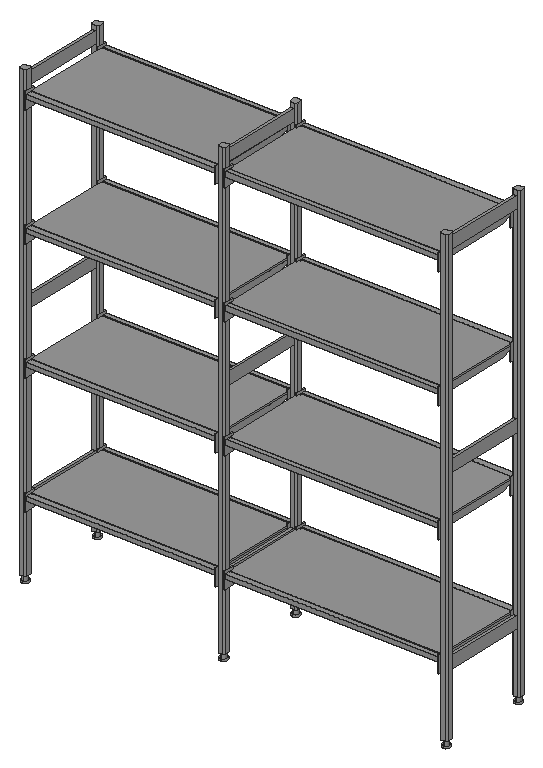
Revit family "QF_ELECTROLUXPROFESSIONAL_137019_ALS1606", category Attrezzature speciali, Revit 2020
Family settings
  Quota connettore circolare = Usa diametro
  Tipo di parte = Normale
  Basato su piano di lavoro = No
  Sempre verticale = Sì
  Taglio con vuoti quando caricato = No
  Condiviso = No
  Punto di calcolo locali = No
Parameters (values of type "Standard")
  Weight = 29.00 kg
  Watts = 0 W
  Volts = 0 V
  URL Manufacturer = "https://www.electroluxprofessional.com/"
  URL = "https://www.electroluxprofessional.com/"
  Steam Supply Size = 0 mm
  Steam Supply Minimum Pressure = 0.0 Pa
  Steam Supply Maximum Pressure = 0.0 Pa
  Steam Consumption per Hour = 0
  Refrigeration Suction Line Size = 0.0 mm
  Refrigeration Liquid Line Size = 0.0 mm
  Refrigerant Compressor Remote = yes
  Prospetto di default = 0.0 mm
  Phase = 0
  Modello = "ALS1606"
  Produttore = "Electrolux Professional"
  Length Actual = 1606.0 mm  # constant formula
  Item Number = "137019"
  Hot Water Size = 0 mm
  Height Actual = 1700.0 mm  # constant formula
  HP = "0 HP"
  Gas Size = 0 mm
  Gas KW = 0
  Gas Input Pressure = 0 W
  Direct Waste Size = 0 mm
  Descrizione = "ALUM.LINEAR SHELV.-POLY.TIERS-373X1606MM"
  Depth Actual = 373.0 mm  # constant formula
  Cycle = 0 Hz
  Condensate Return Size = 0 mm
  Compressed Air Volume = 0.0 L/s
  Compressed Air Size = 0 mm
  Compressed Air Pressure = 0.0 Pa
  Cold Water Size = 0 mm
  Accessory = yes
Reference planes
  plane 1: z = 0
  plane 2 "CenterLeft": x = -31
  plane 3 "LEFT": x = -417
  plane 4 "BACK": y = 23
  plane 5 "FRONT": y = -350
  plane 6 "TOP": z = 1700
  plane 7: x = -385
  plane 8: x = 323
  plane 9 "Center (Front/Back)": y = -163.5
  plane 10: y = -8.5
  plane 11: y = -318.5
  plane 12 "FEET": z = 25
  plane 13: z = 275
  plane 14: z = 725
  plane 15: z = 1175
  plane 16: z = 1625
  plane 17 "CXLeft": x = -403
  plane 18 "Center (Left/Right)": x = 341
  plane 19: y = 5.5
  plane 20 "CYBack": y = 5.5
  plane 21 "CYFront": y = -332.5
  plane 22 "RIGHT": x = 1189
  plane 23: x = 1157
  plane 24 "CXRight": x = 1175
  plane 25: x = 359
Forms (mm)
  Extrusion 1, solid, material "QF_Aluminum"
    sketch origin (-417, 0, -4.006) x (0, 1, 0) y (0, 0, 1)
      loop
        line (-12, 1637.003) -> (4, 1637.003) -> (4, 1655) -> (2.007, 1655) -> (2.007, 1648.501) -> (-329, 1648.501) -> (-329, 1655) -> (-331, 1655) -> (-331, 1637.003) -> (-315, 1637.003) -> (-281, 1625) -> (-46, 1625) -> (-12, 1637.003)
      loop
        line (-12, 1187.003) -> (4, 1187.003) -> (4, 1205) -> (2.007, 1205) -> (2.007, 1198.501) -> (-329, 1198.501) -> (-329, 1205) -> (-331, 1205) -> (-331, 1187.003) -> (-315, 1187.003) -> (-281, 1175) -> (-46, 1175) -> (-12, 1187.003)
      loop
        line (-12, 737.003) -> (4, 737.003) -> (4, 755) -> (2.007, 755) -> (2.007, 748.501) -> (-329, 748.501) -> (-329, 755) -> (-331, 755) -> (-331, 737.003) -> (-315, 737.003) -> (-281, 725) -> (-46, 725) -> (-12, 737.003)
      loop
        line (-12, 287.003) -> (4, 287.003) -> (4, 305) -> (2.007, 305) -> (2.007, 298.501) -> (-329, 298.501) -> (-329, 305) -> (-331, 305) -> (-331, 287.003) -> (-315, 287.003) -> (-281, 275) -> (-46, 275) -> (-12, 287.003)
    from 37 to 32
  Extrusion 2, solid, material "QF_Aluminum"
    sketch origin (-417, 0, 0) x (0, 1, 0) y (0, 0, 1)
      loop
        line (23, 246.005) -> (23, 307.993) -> (-12.993, 307.993) -> (-12.993, 246.005) -> (23, 246.005)
      loop
        line (-350, 246.005) -> (-314.007, 246.005) -> (-314.007, 307.993) -> (-350, 307.993) -> (-350, 246.005)
      loop
        line (23, 696.005) -> (23, 757.993) -> (-12.993, 757.993) -> (-12.993, 696.005) -> (23, 696.005)
      loop
        line (-350, 696.005) -> (-314.007, 696.005) -> (-314.007, 757.993) -> (-350, 757.993) -> (-350, 696.005)
      loop
        line (23, 1146.005) -> (23, 1207.993) -> (-12.993, 1207.993) -> (-12.993, 1146.005) -> (23, 1146.005)
      loop
        line (-350, 1146.005) -> (-314.007, 1146.005) -> (-314.007, 1207.993) -> (-350, 1207.993) -> (-350, 1146.005)
      loop
        line (23, 1596.005) -> (23, 1657.993) -> (-12.993, 1657.993) -> (-12.993, 1596.005) -> (23, 1596.005)
      loop
        line (-350, 1596.005) -> (-314.007, 1596.005) -> (-314.007, 1657.993) -> (-350, 1657.993) -> (-350, 1596.005)
    from 28 to 32
  Extrusion 3, solid, material "QF_Aluminum"
    sketch origin (-417, 0, 0) x (0, 1, 0) y (0, 0, 1)
      loop
        line (4, 1650.994) -> (4, 1632.998) -> (23, 1632.998) -> (23, 1650.994) -> (4, 1650.994)
      loop
        line (-331, 1650.994) -> (-350, 1650.994) -> (-350, 1632.998) -> (-331, 1632.998) -> (-331, 1650.994)
      loop
        line (4, 1200.994) -> (4, 1182.998) -> (23, 1182.998) -> (23, 1200.994) -> (4, 1200.994)
      loop
        line (-331, 1200.994) -> (-350, 1200.994) -> (-350, 1182.998) -> (-331, 1182.998) -> (-331, 1200.994)
      loop
        line (4, 750.994) -> (4, 732.998) -> (23, 732.998) -> (23, 750.994) -> (4, 750.994)
      loop
        line (-331, 750.994) -> (-350, 750.994) -> (-350, 732.998) -> (-331, 732.998) -> (-331, 750.994)
      loop
        line (4, 300.994) -> (4, 282.998) -> (23, 282.998) -> (23, 300.994) -> (4, 300.994)
      loop
        line (-331, 300.994) -> (-350, 300.994) -> (-350, 282.998) -> (-331, 282.998) -> (-331, 300.994)
    from 32 to 740
  Extrusion 4, solid, material "QF_Polyethylene"
    sketch origin (-417, 0, 0) x (0, 1, 0) y (0, 0, 1)
      loop
        line (2.007, 1650.994) -> (-329, 1650.994) -> (-329, 1644.496) -> (2.007, 1644.496) -> (2.007, 1650.994)
      loop
        line (2.007, 1200.994) -> (-329, 1200.994) -> (-329, 1194.496) -> (2.007, 1194.496) -> (2.007, 1200.994)
      loop
        line (2.007, 750.994) -> (-329, 750.994) -> (-329, 744.496) -> (2.007, 744.496) -> (2.007, 750.994)
      loop
        line (2.007, 300.994) -> (-329, 300.994) -> (-329, 294.496) -> (2.007, 294.496) -> (2.007, 300.994)
    from 32 to 740
  Extrusion 5, solid, material "QF_Aluminum"
    sketch origin (1189, 0, 0) x (0, 1, 0) y (0, 0, 1)
      loop
        line (4, 1650.994) -> (4, 1632.998) -> (23, 1632.998) -> (23, 1650.994) -> (4, 1650.994)
      loop
        line (-331, 1650.994) -> (-350, 1650.994) -> (-350, 1632.998) -> (-331, 1632.998) -> (-331, 1650.994)
      loop
        line (4, 1200.994) -> (4, 1182.998) -> (23, 1182.998) -> (23, 1200.994) -> (4, 1200.994)
      loop
        line (-331, 1200.994) -> (-350, 1200.994) -> (-350, 1182.998) -> (-331, 1182.998) -> (-331, 1200.994)
      loop
        line (4, 750.994) -> (4, 732.998) -> (23, 732.998) -> (23, 750.994) -> (4, 750.994)
      loop
        line (-331, 750.994) -> (-350, 750.994) -> (-350, 732.998) -> (-331, 732.998) -> (-331, 750.994)
      loop
        line (4, 300.994) -> (4, 282.998) -> (23, 282.998) -> (23, 300.994) -> (4, 300.994)
      loop
        line (-331, 300.994) -> (-350, 300.994) -> (-350, 282.998) -> (-331, 282.998) -> (-331, 300.994)
    from -32 to -830
  Extrusion 6, solid, material "QF_Polyethylene"
    sketch origin (1189, 0, 0) x (0, 1, 0) y (0, 0, 1)
      loop
        line (2.007, 1650.994) -> (-329, 1650.994) -> (-329, 1644.496) -> (2.007, 1644.496) -> (2.007, 1650.994)
      loop
        line (2.007, 1200.994) -> (-329, 1200.994) -> (-329, 1194.496) -> (2.007, 1194.496) -> (2.007, 1200.994)
      loop
        line (2.007, 750.994) -> (-329, 750.994) -> (-329, 744.496) -> (2.007, 744.496) -> (2.007, 750.994)
      loop
        line (2.007, 300.994) -> (-329, 300.994) -> (-329, 294.496) -> (2.007, 294.496) -> (2.007, 300.994)
    from -32 to -830
Lines and regions (mm)
  symbolic lines
    curve 1: line (323, 4, 1700) -> (-385, 4, 1700)
    curve 2: line (-408, -8.5, 1700) -> (-408, -318.5, 1700)
    curve 3: line (-398, -318.5, 1700) -> (-398, -8.5, 1700)
    curve 4: line (-389, 23, 1700) -> (327, 23, 1700)
    curve 5: line (-385, -350, 1700) -> (323, -350, 1700)
    curve 6: line (355, 23, 1700) -> (1161, 23, 1700)
    curve 7: line (355, -350, 1700) -> (1161, -350, 1700)
    curve 8: line (-385, -331, 1700) -> (323, -331, 1700)
    curve 9: line (359, -331, 1700) -> (1157, -331, 1700)
    curve 10: line (359, 4, 1700) -> (1157, 4, 1700)
    curve 11: line (1157, -12.993, 1700) -> (1157, -314.007, 1700)
    curve 12: line (323, -12.993, 1700) -> (323, -314.007, 1700)
    curve 13: line (359, -314.007, 1700) -> (359, -12.993, 1700)
    curve 14: line (-385, -12.993, 1700) -> (-385, -314.007, 1700)
Dimensions and locks
  plane 3 "LEFT" to plane 2 "CenterLeft" = 386.0 mm
  locked: plane 6 "TOP" to level at 1700
  locked: plane 4 "BACK" to plane 5 "FRONT" at 373
  locked: plane 7 to plane 8 at 708
  locked: plane 10 to plane 11 at 310
  equal spacing: plane 10, plane 9 "Center (Front/Back)", plane 11
  equal spacing: plane 4 "BACK", plane 9 "Center (Front/Back)", plane 5 "FRONT"
  plane 12 "FEET" to level = 25.0 mm
  plane 6 "TOP" to plane 12 "FEET" = 1675.0 mm
  plane 13 to plane 12 "FEET" = 250.0 mm
  plane 14 to plane 13 = 450.0 mm
  plane 15 to plane 14 = 450.0 mm
  plane 16 to plane 15 = 450.0 mm
  locked: plane 4 "BACK" to plane 20 "CYBack" at 17.5
  locked: plane 21 "CYFront" to plane 5 "FRONT" at 17.5
  locked: plane 4 "BACK" to Extrusion 1 at 19
  locked: Extrusion 1 to plane 5 "FRONT" at 19
  Extrusion 1 sketch curve to plane 21 "CYFront" = 3.5 mm
  plane 3 "LEFT" to plane 22 "RIGHT" = 1606.0 mm
  locked: plane 25 to plane 23 at 798
  locked: plane 8 to plane 18 "Center (Left/Right)" at 18
  locked: plane 18 "Center (Left/Right)" to plane 25 at 18
  locked: plane 3 "LEFT" to plane 7 at 32
  locked: plane 24 "CXRight" to plane 22 "RIGHT" at 14
  aligned and locked: level to plane 1
  aligned and locked: plane 7 to Extrusion 1
  aligned and locked: Extrusion 2 to plane 7
  aligned and locked: plane 7 to Extrusion 4
  aligned and locked: Extrusion 4 to plane 8
  aligned and locked: plane 7 to Extrusion 3
  aligned and locked: Extrusion 3 to plane 8
  aligned and locked: Extrusion 3 sketch curve to Extrusion 1
  aligned and locked: Extrusion 1 to Extrusion 3 sketch curve
  aligned and locked: Extrusion 3 sketch curve to Extrusion 3 sketch curve  (x2)
  aligned and locked: Extrusion 1 sketch curve to Extrusion 1 sketch curve  (x3)
  aligned and locked: Extrusion 4 sketch curve to Extrusion 1  (x4)
  aligned and locked: Extrusion 5 sketch curve to Extrusion 5 sketch curve  (x2)
  aligned and locked: Extrusion 5 to plane 25
  aligned and locked: Extrusion 6 to plane 25
  aligned and locked: plane 18 "Center (Left/Right)" to nested 3
  aligned and locked: plane 17 "CXLeft" to nested 1
  aligned and locked: Extrusion 3 to plane 7  (x3)
  aligned and locked: plane 8 to Extrusion 3  (x4)
  aligned and locked: plane 25 to Extrusion 5  (x4)
  aligned and locked: plane 25 to Extrusion 6  (x4)
  aligned and locked: plane 8 to Extrusion 4  (x4)
  aligned and locked: plane 24 "CXRight" to nested 2
  aligned and locked: Extrusion 5 to plane 23
  aligned and locked: Extrusion 6 to plane 23
  aligned and locked: plane 23 to Extrusion 5  (x3)
  aligned and locked: plane 23 to Extrusion 6  (x3)
Automatic sketch dimensions
  plane 21 "CYFront" to Extrusion 1 sketch curve = 1.5 mm  (x4)
  plane 11 to Extrusion 1 sketch curve = 3.5 mm  (x4)
  Extrusion 1 sketch curve to plane 13 = 4.006 mm
  Extrusion 1 sketch curve to Extrusion 1 sketch curve = 34.0 mm  (x4)
  Extrusion 1 sketch curve to plane 14 = 4.006 mm
  Extrusion 1 sketch curve to plane 15 = 4.006 mm
  Extrusion 1 sketch curve to plane 16 = 4.006 mm
  Extrusion 1 sketch curve to plane 10 = 37.5 mm  (x4)
  Extrusion 1 sketch curve to plane 10 = 3.5 mm  (x4)
  plane 19 to Extrusion 1 sketch curve = 3.493 mm  (x4)
  plane 19 to Extrusion 1 sketch curve = 1.5 mm  (x4)
  plane 13 to Extrusion 1 sketch curve = 7.998 mm  (x2)
  Extrusion 1 sketch curve to Extrusion 1 sketch curve = 11.498 mm  (x4)
  Extrusion 1 sketch curve to Extrusion 1 sketch curve = 6.499 mm  (x8)
  plane 14 to Extrusion 1 sketch curve = 7.998 mm  (x2)
  plane 15 to Extrusion 1 sketch curve = 7.998 mm  (x2)
  plane 16 to Extrusion 1 sketch curve = 7.998 mm  (x2)
  Extrusion 2 sketch curve to plane 5 "FRONT" = 0.0 mm  (x4)
  Extrusion 2 sketch curve to plane 4 "BACK" = 0.0 mm  (x4)
  plane 11 to Extrusion 2 sketch curve = 4.493 mm  (x4)
  Extrusion 2 sketch curve to plane 10 = 4.493 mm  (x4)
  Extrusion 2 sketch curve to plane 13 = 28.995 mm  (x2)
  plane 13 to Extrusion 2 sketch curve = 32.993 mm  (x2)
  Extrusion 2 sketch curve to plane 14 = 28.995 mm  (x2)
  plane 14 to Extrusion 2 sketch curve = 32.993 mm  (x2)
  Extrusion 2 sketch curve to plane 15 = 28.995 mm  (x2)
  plane 15 to Extrusion 2 sketch curve = 32.993 mm  (x2)
  Extrusion 2 sketch curve to plane 16 = 28.995 mm  (x2)
  plane 16 to Extrusion 2 sketch curve = 32.993 mm  (x2)
  Extrusion 3 sketch curve to plane 5 "FRONT" = 0.0 mm  (x4)
  Extrusion 3 sketch curve to plane 4 "BACK" = 0.0 mm  (x4)
  plane 19 to Extrusion 3 sketch curve = 1.5 mm  (x4)
  plane 13 to Extrusion 3 sketch curve = 7.998 mm  (x2)
  Extrusion 3 sketch curve to Extrusion 3 sketch curve = 17.997 mm  (x8)
  plane 14 to Extrusion 3 sketch curve = 7.998 mm  (x2)
  plane 15 to Extrusion 3 sketch curve = 7.998 mm  (x2)
  plane 16 to Extrusion 3 sketch curve = 7.998 mm  (x2)
  plane 19 to Extrusion 4 sketch curve = 3.493 mm  (x4)
  plane 13 to Extrusion 4 sketch curve = 19.496 mm
  Extrusion 4 sketch curve to Extrusion 4 sketch curve = 6.499 mm  (x4)
  plane 14 to Extrusion 4 sketch curve = 19.496 mm
  plane 15 to Extrusion 4 sketch curve = 19.496 mm
  plane 16 to Extrusion 4 sketch curve = 19.496 mm
  Extrusion 5 sketch curve to plane 5 "FRONT" = 0.0 mm  (x4)
  Extrusion 5 sketch curve to plane 4 "BACK" = 0.0 mm  (x4)
  plane 21 "CYFront" to Extrusion 5 sketch curve = 1.5 mm  (x2)
  plane 19 to Extrusion 5 sketch curve = 1.5 mm  (x4)
  plane 13 to Extrusion 5 sketch curve = 7.998 mm  (x2)
  Extrusion 5 sketch curve to Extrusion 5 sketch curve = 17.997 mm  (x8)
  plane 14 to Extrusion 5 sketch curve = 7.998 mm  (x2)
  plane 15 to Extrusion 5 sketch curve = 7.998 mm  (x2)
  plane 16 to Extrusion 5 sketch curve = 7.998 mm  (x2)
  plane 21 "CYFront" to Extrusion 6 sketch curve = 3.5 mm  (x4)
  plane 19 to Extrusion 6 sketch curve = 3.493 mm  (x4)
  plane 13 to Extrusion 6 sketch curve = 19.496 mm
  Extrusion 6 sketch curve to Extrusion 6 sketch curve = 6.499 mm  (x4)
  plane 14 to Extrusion 6 sketch curve = 19.496 mm
  plane 15 to Extrusion 6 sketch curve = 19.496 mm
  plane 16 to Extrusion 6 sketch curve = 19.496 mm
  curve 7 to plane 5 "FRONT" = 0.0 mm
  curve 5 to plane 5 "FRONT" = 0.0 mm
  curve 8 to plane 8 = 0.0 mm
  curve 9 to plane 25 = 0.0 mm
  curve 9 to plane 23 = 0.0 mm
  curve 8 to plane 7 = 0.0 mm
  curve 2 to plane 11 = 0.0 mm
  curve 3 to plane 11 = 0.0 mm
  curve 14 to plane 7 = 0.0 mm
  curve 13 to plane 25 = 0.0 mm
  curve 12 to plane 8 = 0.0 mm
  curve 11 to plane 23 = 0.0 mm
  curve 3 to plane 10 = 0.0 mm
  curve 2 to plane 10 = 0.0 mm
  curve 1 to plane 8 = 0.0 mm
  curve 1 to plane 7 = 0.0 mm
  curve 10 to plane 23 = 0.0 mm
  curve 10 to plane 25 = 0.0 mm
  curve 4 to plane 4 "BACK" = 0.0 mm
  curve 6 to plane 4 "BACK" = 0.0 mm
  curve 5 to plane 8 = 0.0 mm
  curve 5 to plane 7 = 0.0 mm
  plane 21 "CYFront" to curve 8 = 1.5 mm
  plane 21 "CYFront" to curve 9 = 1.5 mm
  plane 11 to curve 14 = 4.493 mm
  plane 11 to curve 13 = 4.493 mm
  plane 11 to curve 12 = 4.493 mm
  plane 11 to curve 11 = 4.493 mm
  curve 14 to plane 10 = 4.493 mm
  curve 13 to plane 10 = 4.493 mm
  curve 12 to plane 10 = 4.493 mm
  curve 11 to plane 10 = 4.493 mm
  plane 19 to curve 1 = 1.5 mm
  plane 19 to curve 10 = 1.5 mm
  curve 6 to plane 23 = 4.0 mm
  curve 7 to plane 23 = 4.0 mm
  curve 6 to plane 25 = 4.0 mm
  curve 7 to plane 25 = 4.0 mm
  curve 4 to plane 8 = 4.0 mm
  plane 7 to curve 4 = 4.0 mm
  plane 17 "CXLeft" to curve 3 = 5.0 mm
  curve 2 to plane 17 "CXLeft" = 5.0 mm
Nested families
  nested 1: "WT_Anta373" at (0, 0, 0), type "WT_Anta373"
  nested 2: "WT_Anta373" at (772, 0, 0) x (-1, 0, 0) z (0, 0, 1), type "WT_Anta373"
  nested 3: "WT_Anta373Center" at (744, 0, 0), type "WT_Anta373Center"
Definition of nested family "WT_Anta373"
  Parameters
    WidthLeft = A + 64.0 mm  # 772.0 mm
    Width = 1606.0 mm
    Right = WidthLeft / 2  # 386.0 mm
    Default Elevation = 0.0 mm
    Left = -WidthLeft / 2  # -386.0 mm
    Height = 1725.0 mm
    FEET = 25.0 mm
    E = 0.0 mm
    Dint = Depth - 63.0 mm  # 310.0 mm
    Dext = Depth - 8.0 mm  # 365.0 mm
    Depth = 373.0 mm
    DX = (WidthLeft - A) / 2  # 32.0 mm
    B = 798.0 mm
    A = 708.0 mm
  Reference planes
    plane 1: z = 0
    plane 2 "LEFT": x = -417
    plane 3 "BACK": y = 23
    plane 4 "FRONT": y = -350
    plane 5 "TOP": z = 1725
    plane 6 "Center (Front/Back)": y = -163.5
    plane 7: y = -8.5
    plane 8: y = -318.5
    plane 9 "FEET": z = 25
    plane 10: z = 275
    plane 11: z = 725
    plane 12: z = 1175
    plane 13: z = 1625
    plane 14 "CXLeft": x = -403
    plane 15: y = 5.5
    plane 16 "CYBack": y = 5.5
    plane 17 "CYFront": y = -332.5
    plane 18: x = -385.031
    plane 19: x = -380.031
  Forms (mm)
    Extrusion 1, solid
      sketch origin (0, 0, 0) x (1, 0, 0) y (0, 1, 0)
        loop
          line (-417, 13.246) -> (-417, -2.246) -> (-410.746, -8.5) -> (-395.254, -8.5) -> (-389, -2.246) -> (-389, 13.246) -> (-395.254, 19.5) -> (-410.746, 19.5) -> (-417, 13.246)
      from 1725 to 25
    Extrusion 2, solid
      sketch origin (-417, 0, 0) x (0, 1, 0) y (0, 0, 1)
        loop
          line (23, 246.005) -> (23, 307.993) -> (-12.993, 307.993) -> (-12.993, 246.005) -> (23, 246.005)
        loop
          line (-350, 246.005) -> (-314.007, 246.005) -> (-314.007, 307.993) -> (-350, 307.993) -> (-350, 246.005)
        loop
          line (23, 696.005) -> (23, 757.993) -> (-12.993, 757.993) -> (-12.993, 696.005) -> (23, 696.005)
        loop
          line (-350, 696.005) -> (-314.007, 696.005) -> (-314.007, 757.993) -> (-350, 757.993) -> (-350, 696.005)
        loop
          line (23, 1146.005) -> (23, 1207.993) -> (-12.993, 1207.993) -> (-12.993, 1146.005) -> (23, 1146.005)
        loop
          line (-350, 1146.005) -> (-314.007, 1146.005) -> (-314.007, 1207.993) -> (-350, 1207.993) -> (-350, 1146.005)
        loop
          line (23, 1596.005) -> (23, 1657.993) -> (-12.993, 1657.993) -> (-12.993, 1596.005) -> (23, 1596.005)
        loop
          line (-350, 1596.005) -> (-314.007, 1596.005) -> (-314.007, 1657.993) -> (-350, 1657.993) -> (-350, 1596.005)
      from 28 to 32
    Revolve 3, solid
      sketch origin (-403, 0, 0) x (0, 1, 0) y (0, 0, 1)
        loop
          line (5.5, 25) -> (5.5, 0) -> (19, 0) -> (19, 5) -> (14, 5) -> (14, 25) -> (5.5, 25)
        axis (5.5, 25) -> (5.5, 0)
      angle from 0 to 360
    Extrusion 4, solid
      sketch origin (-403, 0, 0) x (0, 1, 0) y (0, 0, 1)
        loop
          line (-8.5, 912.382) -> (-8.5, 957.374) -> (-318.5, 957.374) -> (-318.5, 912.382) -> (-8.5, 912.382)
        loop
          line (-8.5, 1662.244) -> (-8.5, 1707.236) -> (-318.5, 1707.236) -> (-318.5, 1662.244) -> (-8.5, 1662.244)
      from -5 to 5
    Revolve 5, solid
      sketch origin (-403, -627, 0) x (0, -1, 0) y (0, 0, 1)
        loop
          line (-294.5, 25) -> (-294.5, 0) -> (-281, 0) -> (-281, 5) -> (-286, 5) -> (-286, 25) -> (-294.5, 25)
        axis (-294.5, 25) -> (-294.5, 0)
      angle from 0 to 360
    Extrusion 6, solid
      sketch origin (0, -627, 0) x (1, 0, 0) y (0, 1, 0)
        loop
          line (-417, 286.754) -> (-410.746, 280.5) -> (-395.254, 280.5) -> (-389, 286.754) -> (-389, 302.246) -> (-395.254, 308.5) -> (-410.746, 308.5) -> (-417, 302.246) -> (-417, 286.754)
      from 1725 to 25
    Extrusion 7, solid
      sketch origin (-417.031, -0.022, 0) x (0, 1, 0) y (0, 0, -1)
        loop
          line (-12, -1632.998) -> (-46, -1620.994) -> (-281, -1620.994) -> (-315, -1632.998) -> (-331, -1632.998) -> (-331, -1650.994) -> (-329, -1650.994) -> (-329, -1644.496) -> (2.007, -1644.496) -> (2.007, -1650.994) -> (4, -1650.994) -> (4, -1632.998) -> (-12, -1632.998)
        loop
          line (-12, -1182.998) -> (-46, -1170.994) -> (-281, -1170.994) -> (-315, -1182.998) -> (-331, -1182.998) -> (-331, -1200.994) -> (-329, -1200.994) -> (-329, -1194.496) -> (2.007, -1194.496) -> (2.007, -1200.994) -> (4, -1200.994) -> (4, -1182.998) -> (-12, -1182.998)
        loop
          line (-12, -732.998) -> (-46, -720.994) -> (-281, -720.994) -> (-315, -732.998) -> (-331, -732.998) -> (-331, -750.994) -> (-329, -750.994) -> (-329, -744.496) -> (2.007, -744.496) -> (2.007, -750.994) -> (4, -750.994) -> (4, -732.998) -> (-12, -732.998)
        loop
          line (-12, -282.998) -> (-46, -270.994) -> (-281, -270.994) -> (-315, -282.998) -> (-331, -282.998) -> (-331, -300.994) -> (-329, -300.994) -> (-329, -294.496) -> (2.007, -294.496) -> (2.007, -300.994) -> (4, -300.994) -> (4, -282.998) -> (-12, -282.998)
      from -32 to -37
    Extrusion 8, solid
      sketch origin (-403, 0, -659.878) x (0, 1, 0) y (0, 0, 1)
        loop
          line (-8.5, 912.382) -> (-8.5, 957.374) -> (-318.5, 957.374) -> (-318.5, 912.382) -> (-8.5, 912.382)
        loop
          line (-8.5, 1572.382) -> (-8.5, 1617.374) -> (-318.5, 1617.374) -> (-318.5, 1572.382) -> (-8.5, 1572.382)
        loop
          line (-8.5, 2322.382) -> (-8.5, 2367.374) -> (-318.5, 2367.374) -> (-318.5, 2322.382) -> (-8.5, 2322.382)
      from -5 to 5
  Lines and regions (mm)
    symbolic lines
      curve 1: line (-408, -8.5, 1725) -> (-408, -318.5, 1725)
      curve 2: line (-398, -318.5, 1725) -> (-398, -8.5, 1725)
      curve 3: line (-395.254, -8.5, 1725) -> (-410.746, -8.5, 1725)
      curve 4: line (-417, -2.246, 1725) -> (-410.746, -8.5, 1725)
      curve 5: line (-417, 13.246, 1725) -> (-417, -2.246, 1725)
      curve 6: line (-410.746, 19.5, 1725) -> (-417, 13.246, 1725)
      curve 7: line (-395.254, 19.5, 1725) -> (-410.746, 19.5, 1725)
      curve 8: line (-389, 13.246, 1725) -> (-395.254, 19.5, 1725)
      curve 9: line (-395.254, -8.5, 1725) -> (-389, -2.246, 1725)
      curve 10: line (-395.254, -318.5, 1725) -> (-410.746, -318.5, 1725)
      curve 11: line (-417, -324.754, 1725) -> (-410.746, -318.5, 1725)
      curve 12: line (-410.746, -346.5, 1725) -> (-417, -340.246, 1725)
      curve 13: line (-395.254, -346.5, 1725) -> (-410.746, -346.5, 1725)
      curve 14: line (-389, -340.246, 1725) -> (-395.254, -346.5, 1725)
      curve 15: line (-395.254, -318.5, 1725) -> (-389, -324.754, 1725)
      curve 16: line (-389, -350, 1725) -> (-389, -314.007, 1725)
      curve 17: line (-389, -314.007, 1725) -> (-385, -314.007, 1725)
      curve 18: line (-389, 23, 1725) -> (-389, -12.993, 1725)
      curve 19: line (-389, -12.993, 1725) -> (-385, -12.993, 1725)
      curve 20: line (-417, -324.754, 1725) -> (-417, -340.246, 1725)
      curve 21: line (-385, -350, 1725) -> (-385, -314.007, 1725)
      curve 22: line (-385, -350, 1725) -> (-389, -350, 1725)
      curve 23: line (-385, 23, 1725) -> (-389, 23, 1725)
      curve 24: line (-385, -12.993, 1725) -> (-385, 23, 1725)
      curve 25: line (-385.031, -13.016, 1725) -> (-385.031, -314.029, 1725)
  Dimensions and locks
    "Height": plane 5 "TOP" to level
    "Depth": plane 3 "BACK" to plane 4 "FRONT"
    "Dint": plane 7 to plane 8
    equal spacing: plane 7, plane 6 "Center (Front/Back)", plane 8
    equal spacing: plane 3 "BACK", plane 6 "Center (Front/Back)", plane 4 "FRONT"
    plane 9 "FEET" to level = 25.0 mm
    plane 5 "TOP" to plane 9 "FEET" = 1700.0 mm
    plane 10 to plane 9 "FEET" = 250.0 mm
    plane 11 to plane 10 = 450.0 mm
    plane 12 to plane 11 = 450.0 mm
    plane 13 to plane 12 = 450.0 mm
    locked: plane 2 "LEFT" to plane 14 "CXLeft" at 14
    locked: plane 3 "BACK" to plane 16 "CYBack" at 17.5
    locked: plane 17 "CYFront" to plane 4 "FRONT" at 17.5
    locked: Revolve 3 sketch curve to Revolve 3 sketch curve at 8.5
    locked: Revolve 3 sketch curve to plane 16 "CYBack" at 13.5
    locked: Revolve 5 sketch curve to Revolve 5 sketch curve at 8.5
    aligned and locked: level to plane 1
    aligned and locked: curve 20 to Extrusion 6
    aligned and locked: plane 5 "TOP" to Extrusion 1
    aligned and locked: plane 5 "TOP" to Extrusion 6
    aligned and locked: Extrusion 7 sketch curve to Extrusion 7 sketch curve  (x3)
  Automatic sketch dimensions
    curve 16 to plane 4 "FRONT" = 0.0 mm
    curve 11 to plane 8 = 0.0 mm
    curve 9 to plane 7 = 0.0 mm
    curve 5 to plane 2 "LEFT" = 0.0 mm
    curve 23 to plane 3 "BACK" = 0.0 mm
    plane 4 "FRONT" to curve 13 = 3.5 mm
    curve 20 to plane 17 "CYFront" = 7.746 mm
    curve 20 to plane 8 = 6.254 mm
    plane 8 to curve 16 = 4.493 mm
    curve 24 to plane 18 = 0.031 mm
    curve 24 to plane 7 = 4.493 mm
    plane 7 to curve 5 = 6.254 mm
    curve 5 to plane 15 = 7.746 mm
    curve 6 to plane 3 "BACK" = 3.5 mm
    curve 21 to plane 18 = 0.031 mm
    plane 18 to curve 23 = 3.969 mm
    plane 18 to curve 16 = 3.969 mm
    curve 18 to curve 8 = 6.254 mm
    curve 18 to curve 3 = 6.254 mm
    curve 16 to curve 13 = 6.254 mm
    curve 16 to curve 15 = 6.254 mm
    plane 2 "LEFT" to curve 10 = 6.254 mm
    plane 2 "LEFT" to curve 7 = 6.254 mm
    plane 2 "LEFT" to curve 12 = 6.254 mm
    plane 2 "LEFT" to curve 3 = 6.254 mm
    curve 14 to plane 17 "CYFront" = 7.746 mm
    curve 15 to plane 8 = 6.254 mm
    plane 7 to curve 9 = 6.254 mm
    curve 8 to plane 15 = 7.746 mm
    curve 3 to curve 2 = 2.746 mm
    curve 1 to curve 10 = 2.746 mm
    Extrusion 1 sketch curve to plane 2 "LEFT" = 0.0 mm
    Extrusion 1 sketch curve to plane 7 = 0.0 mm
    plane 2 "LEFT" to Extrusion 1 sketch curve = 6.254 mm  (x2)
    plane 14 "CXLeft" to Extrusion 1 sketch curve = 7.746 mm  (x2)
    Extrusion 1 sketch curve to plane 3 "BACK" = 3.5 mm
    plane 18 to Extrusion 1 sketch curve = 3.969 mm
    plane 7 to Extrusion 1 sketch curve = 6.254 mm  (x2)
    Extrusion 1 sketch curve to plane 15 = 7.746 mm  (x2)
    Extrusion 2 sketch curve to plane 4 "FRONT" = 0.0 mm  (x4)
    Extrusion 2 sketch curve to plane 3 "BACK" = 0.0 mm  (x4)
    plane 8 to Extrusion 2 sketch curve = 4.493 mm  (x4)
    Extrusion 2 sketch curve to plane 7 = 4.493 mm  (x4)
    Extrusion 2 sketch curve to plane 10 = 28.995 mm  (x2)
    plane 10 to Extrusion 2 sketch curve = 32.993 mm  (x2)
    Extrusion 2 sketch curve to plane 11 = 28.995 mm  (x2)
    plane 11 to Extrusion 2 sketch curve = 32.993 mm  (x2)
    Extrusion 2 sketch curve to plane 12 = 28.995 mm  (x2)
    plane 12 to Extrusion 2 sketch curve = 32.993 mm  (x2)
    Extrusion 2 sketch curve to plane 13 = 28.995 mm  (x2)
    plane 13 to Extrusion 2 sketch curve = 32.993 mm  (x2)
    Revolve 3 sketch curve to plane 9 "FEET" = 0.0 mm  (x2)
    Revolve 3 sketch curve to plane 15 = 0.0 mm  (x2)
    Revolve 3 sketch curve to level = 0.0 mm
    level to Revolve 3 sketch curve = 5.0 mm
    Revolve 3 sketch curve to Revolve 3 sketch curve = 11.655 mm
    Extrusion 4 sketch curve to plane 8 = 0.0 mm  (x2)
    Extrusion 4 sketch curve to plane 7 = 0.0 mm  (x2)
    plane 11 to Extrusion 4 sketch curve = 187.382 mm
    Extrusion 4 sketch curve to Extrusion 4 sketch curve = 44.992 mm
    plane 13 to Extrusion 4 sketch curve = 37.244 mm
    Extrusion 4 sketch curve to plane 5 "TOP" = 17.764 mm
    Revolve 5 sketch curve to plane 9 "FEET" = 0.0 mm  (x2)
    Revolve 5 sketch curve to plane 17 "CYFront" = 0.0 mm  (x2)
    Revolve 5 sketch curve to level = 0.0 mm
    Revolve 5 sketch curve to plane 4 "FRONT" = 4.0 mm
    Revolve 5 sketch curve to Revolve 5 sketch curve = 5.0 mm
    level to Revolve 5 sketch curve = 11.655 mm
    Extrusion 6 sketch curve to plane 2 "LEFT" = 0.0 mm
    Extrusion 6 sketch curve to plane 8 = 0.0 mm
    Extrusion 6 sketch curve to plane 2 "LEFT" = 6.254 mm  (x2)
    Extrusion 6 sketch curve to plane 14 "CXLeft" = 7.746 mm  (x2)
    Extrusion 6 sketch curve to plane 4 "FRONT" = 3.5 mm
    Extrusion 6 sketch curve to plane 18 = 3.969 mm
    plane 8 to Extrusion 6 sketch curve = 6.254 mm  (x2)
    plane 17 "CYFront" to Extrusion 6 sketch curve = 7.746 mm  (x2)
    plane 17 "CYFront" to Extrusion 7 sketch curve = 1.478 mm  (x4)
    Extrusion 7 sketch curve to Extrusion 7 sketch curve = 2.0 mm
    plane 8 to Extrusion 7 sketch curve = 3.478 mm  (x4)
    Extrusion 7 sketch curve to plane 10 = 4.006 mm
    Extrusion 7 sketch curve to Extrusion 7 sketch curve = 34.0 mm  (x4)
    Extrusion 7 sketch curve to plane 11 = 4.006 mm
    Extrusion 7 sketch curve to plane 12 = 4.006 mm
    Extrusion 7 sketch curve to plane 13 = 4.006 mm
    Extrusion 7 sketch curve to plane 7 = 37.522 mm  (x4)
    Extrusion 7 sketch curve to plane 7 = 3.522 mm  (x4)
    plane 15 to Extrusion 7 sketch curve = 3.516 mm  (x4)
    plane 15 to Extrusion 7 sketch curve = 1.522 mm  (x4)
    plane 13 to Extrusion 7 sketch curve = 7.998 mm  (x2)
    Extrusion 7 sketch curve to Extrusion 7 sketch curve = 11.498 mm
    Extrusion 7 sketch curve to Extrusion 7 sketch curve = 6.499 mm  (x5)
    plane 12 to Extrusion 7 sketch curve = 25.994 mm  (x2)
    plane 12 to Extrusion 7 sketch curve = 7.998 mm  (x2)
    plane 11 to Extrusion 7 sketch curve = 25.994 mm  (x2)
    plane 11 to Extrusion 7 sketch curve = 7.998 mm  (x2)
    plane 10 to Extrusion 7 sketch curve = 25.994 mm  (x2)
    plane 10 to Extrusion 7 sketch curve = 7.998 mm  (x2)
    curve 25 to plane 18 = 0.0 mm
    plane 8 to curve 25 = 4.471 mm
    curve 25 to plane 7 = 4.516 mm
    Extrusion 8 sketch curve to plane 8 = 0.0 mm  (x3)
    Extrusion 8 sketch curve to plane 7 = 0.0 mm  (x3)
    Extrusion 8 sketch curve to plane 10 = 22.496 mm
    plane 10 to Extrusion 8 sketch curve = 22.496 mm
    plane 11 to Extrusion 8 sketch curve = 187.504 mm
    Extrusion 8 sketch curve to Extrusion 8 sketch curve = 44.992 mm
    plane 13 to Extrusion 8 sketch curve = 37.504 mm
    Extrusion 8 sketch curve to plane 5 "TOP" = 17.504 mm
Definition of nested family "WT_Anta373Center"
  Parameters
    WidthLeft = A + 64.0 mm  # 772.0 mm
    Width = 1606.0 mm
    Right = WidthLeft / 2  # 386.0 mm
    Default Elevation = 0.0 mm
    Left = -WidthLeft / 2  # -386.0 mm
    Height = 1725.0 mm
    FEET = 25.0 mm
    E = 0.0 mm
    Dint = Depth - 63.0 mm  # 310.0 mm
    Dext = Depth - 8.0 mm  # 365.0 mm
    Depth = 373.0 mm
    DX = (WidthLeft - A) / 2  # 32.0 mm
    B = 798.0 mm
    A = 708.0 mm
  Reference planes
    plane 1: z = 0
    plane 2 "L": x = -417
    plane 3 "BACK": y = 23
    plane 4 "FRONT": y = -350
    plane 5 "TOP": z = 1725
    plane 6 "Center (Front/Back)": y = -163.5
    plane 7: y = -8.5
    plane 8: y = -318.5
    plane 9 "FEET": z = 25
    plane 10: z = 275
    plane 11: z = 725
    plane 12: z = 1175
    plane 13: z = 1625
    plane 14 "CXLeft": x = -403
    plane 15: y = 5.5
    plane 16 "CYBack": y = 5.5
    plane 17 "CYFront": y = -332.5
    plane 18: x = -385.031
    plane 19 "RIGHT": x = -380.031
    plane 20: x = -420.969
    plane 21 "LEFT": x = -425.969
  Forms (mm)
    Extrusion 1, solid
      sketch origin (0, 0, 0) x (1, 0, 0) y (0, 1, 0)
        loop
          line (-417, 13.246) -> (-417, -2.246) -> (-410.746, -8.5) -> (-395.254, -8.5) -> (-389, -2.246) -> (-389, 13.246) -> (-395.254, 19.5) -> (-410.746, 19.5) -> (-417, 13.246)
      from 1725 to 25
    Extrusion 2, solid
      sketch origin (-417, 0, 0) x (0, 1, 0) y (0, 0, 1)
        loop
          line (23, 246.005) -> (23, 307.993) -> (-12.993, 307.993) -> (-12.993, 246.005) -> (23, 246.005)
        loop
          line (-350, 246.005) -> (-314.007, 246.005) -> (-314.007, 307.993) -> (-350, 307.993) -> (-350, 246.005)
        loop
          line (23, 696.005) -> (23, 757.993) -> (-12.993, 757.993) -> (-12.993, 696.005) -> (23, 696.005)
        loop
          line (-350, 696.005) -> (-314.007, 696.005) -> (-314.007, 757.993) -> (-350, 757.993) -> (-350, 696.005)
        loop
          line (23, 1146.005) -> (23, 1207.993) -> (-12.993, 1207.993) -> (-12.993, 1146.005) -> (23, 1146.005)
        loop
          line (-350, 1146.005) -> (-314.007, 1146.005) -> (-314.007, 1207.993) -> (-350, 1207.993) -> (-350, 1146.005)
        loop
          line (23, 1596.005) -> (23, 1657.993) -> (-12.993, 1657.993) -> (-12.993, 1596.005) -> (23, 1596.005)
        loop
          line (-350, 1596.005) -> (-314.007, 1596.005) -> (-314.007, 1657.993) -> (-350, 1657.993) -> (-350, 1596.005)
      from 28 to 32
    Revolve 3, solid
      sketch origin (-403, 0, 0) x (0, 1, 0) y (0, 0, 1)
        loop
          line (5.5, 25) -> (5.5, 0) -> (19, 0) -> (19, 5) -> (14, 5) -> (14, 25) -> (5.5, 25)
        axis (5.5, 25) -> (5.5, 0)
      angle from 0 to 360
    Extrusion 4, solid
      sketch origin (-403, 0, 0) x (0, 1, 0) y (0, 0, 1)
        loop
          line (-8.5, 912.382) -> (-8.5, 957.374) -> (-318.5, 957.374) -> (-318.5, 912.382) -> (-8.5, 912.382)
        loop
          line (-8.5, 1662.244) -> (-8.5, 1707.236) -> (-318.5, 1707.236) -> (-318.5, 1662.244) -> (-8.5, 1662.244)
      from -5 to 5
    Revolve 5, solid
      sketch origin (-403, -627, 0) x (0, -1, 0) y (0, 0, 1)
        loop
          line (-294.5, 25) -> (-294.5, 0) -> (-281, 0) -> (-281, 5) -> (-286, 5) -> (-286, 25) -> (-294.5, 25)
        axis (-294.5, 25) -> (-294.5, 0)
      angle from 0 to 360
    Extrusion 6, solid
      sketch origin (0, -627, 0) x (1, 0, 0) y (0, 1, 0)
        loop
          line (-417, 286.754) -> (-410.746, 280.5) -> (-395.254, 280.5) -> (-389, 286.754) -> (-389, 302.246) -> (-395.254, 308.5) -> (-410.746, 308.5) -> (-417, 302.246) -> (-417, 286.754)
      from 1725 to 25
    Extrusion 7, solid
      sketch origin (-417.031, -0.022, 0) x (0, 1, 0) y (0, 0, -1)
        loop
          line (-12, -1632.998) -> (-46, -1620.994) -> (-281, -1620.994) -> (-315, -1632.998) -> (-331, -1632.998) -> (-331, -1650.994) -> (-329, -1650.994) -> (-329, -1644.496) -> (2.007, -1644.496) -> (2.007, -1650.994) -> (4, -1650.994) -> (4, -1632.998) -> (-12, -1632.998)
        loop
          line (-12, -1182.998) -> (-46, -1170.994) -> (-281, -1170.994) -> (-315, -1182.998) -> (-331, -1182.998) -> (-331, -1200.994) -> (-329, -1200.994) -> (-329, -1194.496) -> (2.007, -1194.496) -> (2.007, -1200.994) -> (4, -1200.994) -> (4, -1182.998) -> (-12, -1182.998)
        loop
          line (-12, -732.998) -> (-46, -720.994) -> (-281, -720.994) -> (-315, -732.998) -> (-331, -732.998) -> (-331, -750.994) -> (-329, -750.994) -> (-329, -744.496) -> (2.007, -744.496) -> (2.007, -750.994) -> (4, -750.994) -> (4, -732.998) -> (-12, -732.998)
        loop
          line (-12, -282.998) -> (-46, -270.994) -> (-281, -270.994) -> (-315, -282.998) -> (-331, -282.998) -> (-331, -300.994) -> (-329, -300.994) -> (-329, -294.496) -> (2.007, -294.496) -> (2.007, -300.994) -> (4, -300.994) -> (4, -282.998) -> (-12, -282.998)
      from -32 to -37
    Extrusion 8, solid
      sketch origin (-403, 0, -659.878) x (0, 1, 0) y (0, 0, 1)
        loop
          line (-8.5, 912.382) -> (-8.5, 957.374) -> (-318.5, 957.374) -> (-318.5, 912.382) -> (-8.5, 912.382)
        loop
          line (-8.5, 1572.382) -> (-8.5, 1617.374) -> (-318.5, 1617.374) -> (-318.5, 1572.382) -> (-8.5, 1572.382)
        loop
          line (-8.5, 2322.382) -> (-8.5, 2367.374) -> (-318.5, 2367.374) -> (-318.5, 2322.382) -> (-8.5, 2322.382)
      from -5 to 5
    Extrusion 9, solid
      sketch origin (-389, 0, 0) x (0, 1, 0) y (0, 0, -1)
        loop
          line (23, -246.005) -> (-12.993, -246.005) -> (-12.993, -307.993) -> (23, -307.993) -> (23, -246.005)
        loop
          line (-350, -246.005) -> (-350, -307.993) -> (-314.007, -307.993) -> (-314.007, -246.005) -> (-350, -246.005)
        loop
          line (23, -696.005) -> (-12.993, -696.005) -> (-12.993, -757.993) -> (23, -757.993) -> (23, -696.005)
        loop
          line (-350, -696.005) -> (-350, -757.993) -> (-314.007, -757.993) -> (-314.007, -696.005) -> (-350, -696.005)
        loop
          line (23, -1146.005) -> (-12.993, -1146.005) -> (-12.993, -1207.993) -> (23, -1207.993) -> (23, -1146.005)
        loop
          line (-350, -1146.005) -> (-350, -1207.993) -> (-314.007, -1207.993) -> (-314.007, -1146.005) -> (-350, -1146.005)
        loop
          line (23, -1596.005) -> (-12.993, -1596.005) -> (-12.993, -1657.993) -> (23, -1657.993) -> (23, -1596.005)
        loop
          line (-350, -1596.005) -> (-350, -1657.993) -> (-314.007, -1657.993) -> (-314.007, -1596.005) -> (-350, -1596.005)
      from 28 to 32
    Extrusion 10, solid
      sketch origin (-388.969, -0.022, 0) x (0, 1, 0) y (0, 0, 1)
        loop
          line (-12, 1632.998) -> (4, 1632.998) -> (4, 1650.994) -> (2.007, 1650.994) -> (2.007, 1644.496) -> (-329, 1644.496) -> (-329, 1650.994) -> (-331, 1650.994) -> (-331, 1632.998) -> (-315, 1632.998) -> (-281, 1620.994) -> (-46, 1620.994) -> (-12, 1632.998)
        loop
          line (-12, 1182.998) -> (4, 1182.998) -> (4, 1200.994) -> (2.007, 1200.994) -> (2.007, 1194.496) -> (-329, 1194.496) -> (-329, 1200.994) -> (-331, 1200.994) -> (-331, 1182.998) -> (-315, 1182.998) -> (-281, 1170.994) -> (-46, 1170.994) -> (-12, 1182.998)
        loop
          line (-12, 732.998) -> (4, 732.998) -> (4, 750.994) -> (2.007, 750.994) -> (2.007, 744.496) -> (-329, 744.496) -> (-329, 750.994) -> (-331, 750.994) -> (-331, 732.998) -> (-315, 732.998) -> (-281, 720.994) -> (-46, 720.994) -> (-12, 732.998)
        loop
          line (-12, 282.998) -> (4, 282.998) -> (4, 300.994) -> (2.007, 300.994) -> (2.007, 294.496) -> (-329, 294.496) -> (-329, 300.994) -> (-331, 300.994) -> (-331, 282.998) -> (-315, 282.998) -> (-281, 270.994) -> (-46, 270.994) -> (-12, 282.998)
      from -32 to -37
  Lines and regions (mm)
    symbolic lines
      curve 1: line (-408, -8.5, 1725) -> (-408, -318.5, 1725)
      curve 2: line (-398, -318.5, 1725) -> (-398, -8.5, 1725)
      curve 3: line (-395.254, -8.5, 1725) -> (-410.746, -8.5, 1725)
      curve 4: line (-417, -2.246, 1725) -> (-410.746, -8.5, 1725)
      curve 5: line (-410.746, 19.5, 1725) -> (-417, 13.246, 1725)
      curve 6: line (-395.254, 19.5, 1725) -> (-410.746, 19.5, 1725)
      curve 7: line (-389, 13.246, 1725) -> (-395.254, 19.5, 1725)
      curve 8: line (-395.254, -8.5, 1725) -> (-389, -2.246, 1725)
      curve 9: line (-395.254, -318.5, 1725) -> (-410.746, -318.5, 1725)
      curve 10: line (-417, -324.754, 1725) -> (-410.746, -318.5, 1725)
      curve 11: line (-410.746, -346.5, 1725) -> (-417, -340.246, 1725)
      curve 12: line (-395.254, -346.5, 1725) -> (-410.746, -346.5, 1725)
      curve 13: line (-389, -340.246, 1725) -> (-395.254, -346.5, 1725)
      curve 14: line (-395.254, -318.5, 1725) -> (-389, -324.754, 1725)
      curve 15: line (-389, -350, 1725) -> (-389, -314.007, 1725)
      curve 16: line (-389, -314.007, 1725) -> (-385, -314.007, 1725)
      curve 17: line (-389, 23, 1725) -> (-389, -12.993, 1725)
      curve 18: line (-389, -12.993, 1725) -> (-385, -12.993, 1725)
      curve 19: line (-385, -350, 1725) -> (-385, -314.007, 1725)
      curve 20: line (-385, -350, 1725) -> (-389, -350, 1725)
      curve 21: line (-385, 23, 1725) -> (-389, 23, 1725)
      curve 22: line (-385, -12.993, 1725) -> (-385, 23, 1725)
      curve 23: line (-385.031, -13.016, 1725) -> (-385.031, -314.029, 1725)
      curve 24: line (-417, -350, 1725) -> (-417, -314.007, 1725)
      curve 25: line (-417, -314.007, 1725) -> (-421, -314.007, 1725)
      curve 26: line (-417, 23, 1725) -> (-417, -12.993, 1725)
      curve 27: line (-417, -12.993, 1725) -> (-421, -12.993, 1725)
      curve 28: line (-421, -350, 1725) -> (-421, -314.007, 1725)
      curve 29: line (-421, -350, 1725) -> (-417, -350, 1725)
      curve 30: line (-421, 23, 1725) -> (-417, 23, 1725)
      curve 31: line (-421, -12.993, 1725) -> (-421, 23, 1725)
      curve 32: line (-420.969, -13.016, 1725) -> (-420.969, -314.029, 1725)
  Dimensions and locks
    "Height": plane 5 "TOP" to level
    "Depth": plane 3 "BACK" to plane 4 "FRONT"
    "Dint": plane 7 to plane 8
    equal spacing: plane 7, plane 6 "Center (Front/Back)", plane 8
    equal spacing: plane 3 "BACK", plane 6 "Center (Front/Back)", plane 4 "FRONT"
    plane 9 "FEET" to level = 25.0 mm
    plane 5 "TOP" to plane 9 "FEET" = 1700.0 mm
    plane 10 to plane 9 "FEET" = 250.0 mm
    plane 11 to plane 10 = 450.0 mm
    plane 12 to plane 11 = 450.0 mm
    plane 13 to plane 12 = 450.0 mm
    locked: plane 3 "BACK" to plane 16 "CYBack" at 17.5
    locked: plane 17 "CYFront" to plane 4 "FRONT" at 17.5
    locked: Revolve 3 sketch curve to Revolve 3 sketch curve at 8.5
    locked: Revolve 3 sketch curve to plane 16 "CYBack" at 13.5
    locked: Revolve 5 sketch curve to Revolve 5 sketch curve at 8.5
    aligned and locked: level to plane 1
    aligned and locked: plane 5 "TOP" to Extrusion 1
    aligned and locked: plane 5 "TOP" to Extrusion 6
    aligned and locked: Extrusion 7 sketch curve to Extrusion 7 sketch curve  (x3)
    aligned and locked: Extrusion 10 sketch curve to Extrusion 10 sketch curve  (x3)
  Automatic sketch dimensions
    curve 15 to plane 4 "FRONT" = 0.0 mm
    curve 28 to plane 4 "FRONT" = 0.0 mm
    curve 9 to plane 8 = 0.0 mm
    curve 25 to plane 2 "L" = 0.0 mm
    curve 8 to plane 7 = 0.0 mm
    curve 17 to plane 3 "BACK" = 0.0 mm
    curve 30 to plane 3 "BACK" = 0.0 mm
    plane 4 "FRONT" to curve 11 = 3.5 mm
    curve 19 to plane 18 = 0.031 mm
    plane 8 to curve 19 = 4.493 mm
    plane 8 to curve 25 = 4.493 mm
    curve 27 to plane 20 = 0.031 mm
    curve 27 to plane 7 = 4.493 mm
    curve 17 to plane 7 = 4.493 mm
    curve 5 to plane 15 = 7.746 mm
    curve 7 to plane 3 "BACK" = 3.5 mm
    curve 18 to plane 18 = 0.031 mm
    plane 18 to curve 21 = 3.969 mm
    plane 18 to curve 20 = 3.969 mm
    curve 15 to curve 9 = 6.254 mm
    curve 17 to curve 7 = 6.254 mm
    curve 17 to curve 3 = 6.254 mm
    curve 15 to curve 12 = 6.254 mm
    plane 2 "L" to curve 12 = 6.254 mm
    plane 2 "L" to curve 4 = 6.254 mm
    plane 2 "L" to curve 10 = 6.254 mm
    plane 2 "L" to curve 5 = 6.254 mm
    curve 28 to plane 20 = 0.031 mm
    curve 13 to plane 17 "CYFront" = 7.746 mm
    curve 14 to plane 8 = 6.254 mm
    plane 7 to curve 8 = 6.254 mm
    curve 7 to plane 15 = 7.746 mm
    curve 9 to curve 2 = 2.746 mm
    curve 1 to curve 9 = 2.746 mm
    Extrusion 1 sketch curve to plane 2 "L" = 0.0 mm
    Extrusion 1 sketch curve to plane 7 = 0.0 mm
    plane 2 "L" to Extrusion 1 sketch curve = 6.254 mm  (x2)
    plane 14 "CXLeft" to Extrusion 1 sketch curve = 7.746 mm  (x2)
    Extrusion 1 sketch curve to plane 3 "BACK" = 3.5 mm
    plane 18 to Extrusion 1 sketch curve = 3.969 mm
    plane 7 to Extrusion 1 sketch curve = 6.254 mm  (x2)
    Extrusion 1 sketch curve to plane 15 = 7.746 mm  (x2)
    Extrusion 2 sketch curve to plane 4 "FRONT" = 0.0 mm  (x4)
    Extrusion 2 sketch curve to plane 3 "BACK" = 0.0 mm  (x4)
    plane 8 to Extrusion 2 sketch curve = 4.493 mm  (x4)
    Extrusion 2 sketch curve to plane 7 = 4.493 mm  (x4)
    Extrusion 2 sketch curve to plane 10 = 28.995 mm  (x2)
    plane 10 to Extrusion 2 sketch curve = 32.993 mm  (x2)
    Extrusion 2 sketch curve to plane 11 = 28.995 mm  (x2)
    plane 11 to Extrusion 2 sketch curve = 32.993 mm  (x2)
    Extrusion 2 sketch curve to plane 12 = 28.995 mm  (x2)
    plane 12 to Extrusion 2 sketch curve = 32.993 mm  (x2)
    Extrusion 2 sketch curve to plane 13 = 28.995 mm  (x2)
    plane 13 to Extrusion 2 sketch curve = 32.993 mm  (x2)
    Revolve 3 sketch curve to plane 9 "FEET" = 0.0 mm  (x2)
    Revolve 3 sketch curve to plane 15 = 0.0 mm  (x2)
    Revolve 3 sketch curve to level = 0.0 mm
    level to Revolve 3 sketch curve = 5.0 mm
    Revolve 3 sketch curve to Revolve 3 sketch curve = 11.655 mm
    Extrusion 4 sketch curve to plane 8 = 0.0 mm  (x2)
    Extrusion 4 sketch curve to plane 7 = 0.0 mm  (x2)
    plane 11 to Extrusion 4 sketch curve = 187.382 mm
    Extrusion 4 sketch curve to Extrusion 4 sketch curve = 44.992 mm
    plane 13 to Extrusion 4 sketch curve = 37.244 mm
    Extrusion 4 sketch curve to plane 5 "TOP" = 17.764 mm
    Revolve 5 sketch curve to plane 9 "FEET" = 0.0 mm  (x2)
    Revolve 5 sketch curve to plane 17 "CYFront" = 0.0 mm  (x2)
    Revolve 5 sketch curve to level = 0.0 mm
    Revolve 5 sketch curve to plane 4 "FRONT" = 4.0 mm
    Revolve 5 sketch curve to Revolve 5 sketch curve = 5.0 mm
    level to Revolve 5 sketch curve = 11.655 mm
    Extrusion 6 sketch curve to plane 2 "L" = 0.0 mm
    Extrusion 6 sketch curve to plane 8 = 0.0 mm
    Extrusion 6 sketch curve to plane 2 "L" = 6.254 mm  (x2)
    Extrusion 6 sketch curve to plane 14 "CXLeft" = 7.746 mm  (x2)
    Extrusion 6 sketch curve to plane 4 "FRONT" = 3.5 mm
    Extrusion 6 sketch curve to plane 18 = 3.969 mm
    plane 8 to Extrusion 6 sketch curve = 6.254 mm  (x2)
    plane 17 "CYFront" to Extrusion 6 sketch curve = 7.746 mm  (x2)
    plane 17 "CYFront" to Extrusion 7 sketch curve = 1.478 mm  (x4)
    Extrusion 7 sketch curve to Extrusion 7 sketch curve = 2.0 mm
    plane 8 to Extrusion 7 sketch curve = 3.478 mm  (x4)
    Extrusion 7 sketch curve to plane 10 = 4.006 mm
    Extrusion 7 sketch curve to Extrusion 7 sketch curve = 34.0 mm  (x4)
    Extrusion 7 sketch curve to plane 11 = 4.006 mm
    Extrusion 7 sketch curve to plane 12 = 4.006 mm
    Extrusion 7 sketch curve to plane 13 = 4.006 mm
    Extrusion 7 sketch curve to plane 7 = 37.522 mm  (x4)
    Extrusion 7 sketch curve to plane 7 = 3.522 mm  (x4)
    plane 15 to Extrusion 7 sketch curve = 3.516 mm  (x4)
    plane 15 to Extrusion 7 sketch curve = 1.522 mm  (x4)
    plane 13 to Extrusion 7 sketch curve = 7.998 mm  (x2)
    Extrusion 7 sketch curve to Extrusion 7 sketch curve = 11.498 mm
    Extrusion 7 sketch curve to Extrusion 7 sketch curve = 6.499 mm  (x5)
    plane 12 to Extrusion 7 sketch curve = 25.994 mm  (x2)
    plane 12 to Extrusion 7 sketch curve = 7.998 mm  (x2)
    plane 11 to Extrusion 7 sketch curve = 25.994 mm  (x2)
    plane 11 to Extrusion 7 sketch curve = 7.998 mm  (x2)
    plane 10 to Extrusion 7 sketch curve = 25.994 mm  (x2)
    plane 10 to Extrusion 7 sketch curve = 7.998 mm  (x2)
    curve 23 to plane 18 = 0.0 mm
    curve 32 to plane 20 = 0.0 mm
    plane 8 to curve 23 = 4.471 mm
    plane 8 to curve 32 = 4.471 mm
    curve 32 to plane 7 = 4.516 mm
    curve 23 to plane 7 = 4.516 mm
    Extrusion 8 sketch curve to plane 8 = 0.0 mm  (x3)
    Extrusion 8 sketch curve to plane 7 = 0.0 mm  (x3)
    Extrusion 8 sketch curve to plane 10 = 22.496 mm
    plane 10 to Extrusion 8 sketch curve = 22.496 mm
    plane 11 to Extrusion 8 sketch curve = 187.504 mm
    Extrusion 8 sketch curve to Extrusion 8 sketch curve = 44.992 mm
    plane 13 to Extrusion 8 sketch curve = 37.504 mm
    Extrusion 8 sketch curve to plane 5 "TOP" = 17.504 mm
    Extrusion 9 sketch curve to plane 4 "FRONT" = 0.0 mm  (x4)
    Extrusion 9 sketch curve to plane 3 "BACK" = 0.0 mm  (x4)
    plane 8 to Extrusion 9 sketch curve = 4.493 mm  (x4)
    Extrusion 9 sketch curve to plane 7 = 4.493 mm  (x4)
    plane 13 to Extrusion 9 sketch curve = 32.993 mm  (x2)
    Extrusion 9 sketch curve to plane 13 = 28.995 mm  (x2)
    plane 12 to Extrusion 9 sketch curve = 32.993 mm  (x2)
    Extrusion 9 sketch curve to plane 12 = 28.995 mm  (x2)
    plane 11 to Extrusion 9 sketch curve = 32.993 mm  (x2)
    Extrusion 9 sketch curve to plane 11 = 28.995 mm  (x2)
    plane 10 to Extrusion 9 sketch curve = 32.993 mm  (x2)
    Extrusion 9 sketch curve to plane 10 = 28.995 mm  (x2)
    plane 17 "CYFront" to Extrusion 10 sketch curve = 1.478 mm  (x4)
    Extrusion 10 sketch curve to Extrusion 10 sketch curve = 2.0 mm
    plane 8 to Extrusion 10 sketch curve = 3.478 mm  (x4)
    Extrusion 10 sketch curve to plane 10 = 4.006 mm
    Extrusion 10 sketch curve to Extrusion 10 sketch curve = 34.0 mm  (x4)
    Extrusion 10 sketch curve to plane 11 = 4.006 mm
    Extrusion 10 sketch curve to plane 12 = 4.006 mm
    Extrusion 10 sketch curve to plane 13 = 4.006 mm
    Extrusion 10 sketch curve to plane 7 = 37.522 mm  (x4)
    Extrusion 10 sketch curve to plane 7 = 3.522 mm  (x4)
    plane 15 to Extrusion 10 sketch curve = 3.516 mm  (x4)
    plane 15 to Extrusion 10 sketch curve = 1.522 mm  (x4)
    plane 10 to Extrusion 10 sketch curve = 7.998 mm  (x2)
    Extrusion 10 sketch curve to Extrusion 10 sketch curve = 11.498 mm  (x4)
    Extrusion 10 sketch curve to Extrusion 10 sketch curve = 6.499 mm  (x8)
    plane 11 to Extrusion 10 sketch curve = 7.998 mm  (x2)
    plane 12 to Extrusion 10 sketch curve = 7.998 mm  (x2)
    plane 13 to Extrusion 10 sketch curve = 7.998 mm  (x2)
    curve 4 to plane 2 "L" = 0.0 mm
    plane 7 to curve 4 = 6.254 mm
    curve 11 to plane 17 "CYFront" = 7.746 mm
    curve 10 to plane 8 = 6.254 mm
